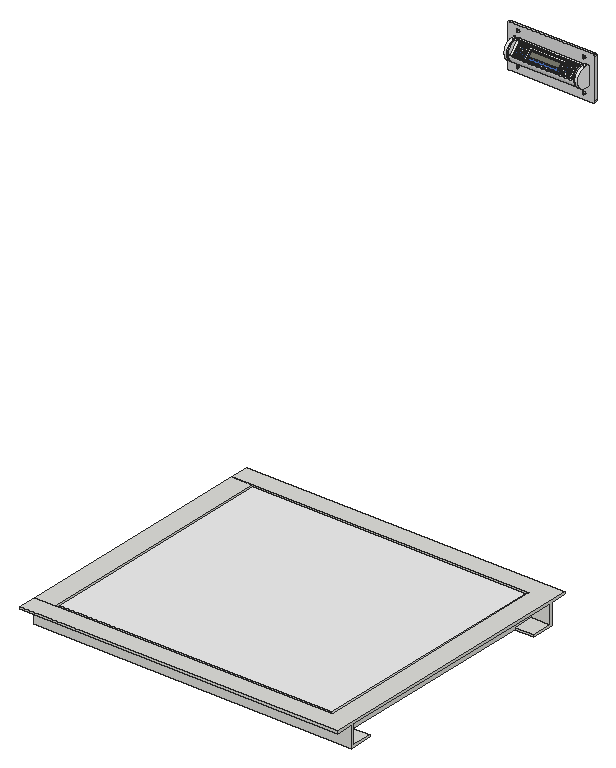
Revit family "Scale-SR_Scales-SR463iR", category Specialty Equipment, Revit 2020
Family settings
  Round Connector Dimension = Use Diameter
  Part Type = Normal
  OmniClass Number = 23.40.70.11.14.11
  OmniClass Title = Medical Equipment
  Work Plane-Based = No
  Always vertical = Yes
  Cut with Voids When Loaded = No
  Shared = No
  Room Calculation Point = No
Parameters (values of type "SR463iR")
  Wall Plate Center Elevation = 53"
  URL = "http://www.srinstruments.com/"
  Show Printer = no
  Show Handrail = no
  Power Supply = "110v AC, 50 - 60 Hz"  # constant formula
  Memory Recall = "Recalls Last Stored Weight"  # constant formula
  Maximum Weight Capacity = "1000 lbs or 454 kg"  # constant formula
  Frame Distance to Wall = 12"  # constant formula
  Product Page URL = "https://srinstruments.com/scales/SR463iR"
  Platform Width = 36"
  Platform Size = "32'' x 36'' (81 cm x 91 cm)"  # constant formula
  Platform Depth = 32"
  Pit Depth = 3"
  Model = "SR463iR"
  Manufacturer Phone Number = "1.800.654.6360"  # constant formula
  Manufacturer Email Contact = "mailto:info-request@srinstruments.com?Subject=Revit Inquiry"
  Manufacturer Address 1 = "600 Young Street"  # constant formula
  Manufacturer Address  2 = "Tonawanda, NY 14150"  # constant formula
  Manufacturer = "SR Scales by SR Instruments, Inc."
  Display Units = "Pounds / Kilograms"  # constant formula
  Display Type = "16-Character Dot-Matrix LCD"  # constant formula
  Display Resolution = "0.1 lb / 0.1 kg"  # constant formula
  Description = "32\" x 36\" In-Floor Platform Scale"
  Default Elevation = 0"
  Creator URL = "http://www.revituspro.com/"
  Created By = "Revitus"  # constant formula
  Copyright Notice = "© SR Instruments, Inc.  All Rights Reserved."  # constant formula
  Control Panel Offset from Center = 12"
  Calibration = "Traceable to NIST Standards"  # constant formula
  BIM Version Available (Earliest) = "2017"  # constant formula
  BIM Version = "v4.1"  # constant formula
  Averaging = "Automatic Digital Filter"  # constant formula
  Auto Zero = "One Button Auto-Tare"  # constant formula
  Auto Power Down = "30 to 300 Seconds"  # constant formula
  Assembly Code = "E1020810"
  Accuracy = "0.1% +/- 1 Digit of Displayed Resolution"  # constant formula
Types (5): name | Show Printer | Show Handrail | Model | Description
  (no name) | no | no | "SR463iR" | "32\" x 36\" In-Floor Platform Scale"
  SR463iR-P | yes | no | "SR463iR-P" | "32\" x 36\" In-Floor Platform Scale with Printer"
  SR463iR-H | no | yes | "SR463iR-H" | "32\" x 36\" In-Floor Platform Scale with Handrail"
  SR463iR-PH | yes | yes | "SR463iR-PH" | "32\" x 36\" In-Floor Platform Scale with Printer and Handrail"
  SR463iR | no | no | "SR463iR" | "32\" x 36\" In-Floor Platform Scale"
Reference planes (in)
  plane 1 "Face of Wall": y = 0
  plane 2: z = 0
  plane 3 "Center (Left/Right)": x = 0
  plane 4 "Platform - Left": x = -18
  plane 5 "Platform - Right": x = 18
  plane 6 "Platform - Front": y = -44
  plane 7 "Platform - Back": y = -12
  plane 8 "Top": z = 33.625
  plane 9 "Left": x = -21
  plane 10 "Right": x = 21
  plane 11 "Frame - Front": y = -46.75
  plane 12 "Frame - Bottom": z = -2.75
  plane 13 "Platform - Top": z = 0.25
  plane 14 "Frame Front Rail - Back": y = -41.5
  plane 15: y = -44.25
  plane 16: z = -2.5
  plane 17: y = -44.5
  plane 18: y = -9.25
  plane 19: y = -14.5
  plane 20: y = -11.75
  plane 21: y = -11.5
  plane 22 "Platform - Bottom": z = -0.75
  plane 23: x = -18.5
  plane 24: x = -18.25
  plane 25: x = -15.5
  plane 26: x = 18.5
  plane 27: x = 18.25
  plane 28: x = 15.5
  plane 29 "Handrail - Left": x = -16.125
  plane 30 "Handrail - Right": x = 16.125
  plane 31 "Handrail Centerline (Front/Back)": y = -13.25
  plane 32: x = 12
  plane 33: x = -14.625
  plane 34: x = -17.625
  plane 35: x = 14.625
  plane 36: x = 17.625
  plane 37 "Handrail Floor Plate - Top": z = 0.5
  plane 38: y = -12.125
  plane 39: y = -14.375
Forms (in)
  Extrusion 1, solid, material "SR Scales - Platform", detail levels medium+fine
    sketch origin (0, 0, 0) x (1, 0, 0) y (0, 0, 1)
      loop
        line (-18, 0.25) -> (-18, -0.75) -> (18, -0.75) -> (18, 0.25) -> (-18, 0.25)
    from 12 to 44
  Extrusion 2, solid, material "SR Scales - Frame", detail levels medium+fine
    sketch origin (0, 0, 0) x (1, 0, 0) y (0, 0, 1)
      loop
        line (-21, 0.25) -> (-21, 0) -> (-18.5, 0) -> (-18.5, -2.75) -> (-15.5, -2.75) -> (-15.5, -2.5) -> (-18.25, -2.5) -> (-18.25, 0.25) -> (-21, 0.25)
    from 11.75 to 44.25
  Extrusion 3, solid, material "SR Scales - Frame", detail levels medium+fine
    sketch origin (0, 0, 0) x (0, 1, 0) y (0, 0, 1)
      loop
        line (-46.75, 0) -> (-44.5, 0) -> (-44.5, -2.75) -> (-41.5, -2.75) -> (-41.5, -2.5) -> (-44.25, -2.5) -> (-44.25, 0.25) -> (-46.75, 0.25) -> (-46.75, 0)
    from -21 to 21
  Extrusion 4, solid, material "SR Scales - Frame", detail levels medium+fine
    sketch origin (0, -44, 0) x (0, -1, 0) y (0, 0, -1)
      loop
        line (-34.75, 0) -> (-34.75, -0.25) -> (-32.25, -0.25) -> (-32.25, 2.5) -> (-29.5, 2.5) -> (-29.5, 2.75) -> (-32.5, 2.75) -> (-32.5, 0) -> (-34.75, 0)
    from -21 to 21
  Extrusion 5, solid, material "SR Scales - Frame", detail levels medium+fine
    sketch origin (0, 0, 0) x (-1, 0, 0) y (0, 0, -1)
      loop
        line (-21, -0.25) -> (-18.25, -0.25) -> (-18.25, 2.5) -> (-15.5, 2.5) -> (-15.5, 2.75) -> (-18.5, 2.75) -> (-18.5, 0) -> (-21, 0) -> (-21, -0.25)
    from 11.75 to 44.25
  Sweep 6, solid, material "SR Scales - Handrail", visible <- "Show Handrail"
    path origin (0, -13.25, 0) x (-1, 0, 0) y (0, 0, 1)
      loop
        line (-16.125, 0.25) -> (-16.125, 27.625)
        arc (-16.125, 27.625) -> (-14.36764, 31.86764) -> (-10.125, 33.625) r 6
        line (-10.125, 33.625) -> (10.125, 33.625)
        arc (10.125, 33.625) -> (14.36764, 31.86764) -> (16.125, 27.625) r 6
        line (16.125, 27.625) -> (16.125, 0.25)
    profile origin (-16.125, -13.25, 13.9375) x (0, 1, 0) y (-1, 0, 0)
      loop
        circle (0, 0) r 0.625
  Extrusion 7, solid, material "SR Scales - Handrail", visible <- "Show Handrail", detail levels medium+fine
    sketch origin (0, 0, 0) x (1, 0, 0) y (0, 1, 0)
      loop
        line (-17.625, -12.125) -> (-17.625, -14.375) -> (-14.625, -14.375) -> (-14.625, -12.125) -> (-17.625, -12.125)
      loop
        line (14.625, -12.125) -> (14.625, -14.375) -> (17.625, -14.375) -> (17.625, -12.125) -> (14.625, -12.125)
    from 0.25 to 0.5
  Extrusion 8, solid, material "SR Scales - Platform", detail levels coarse
    sketch origin (0, 0, 0) x (1, 0, 0) y (0, 1, 0)
      loop
        line (-21, -9.25) -> (-21, -46.75) -> (21, -46.75) -> (21, -9.25) -> (-21, -9.25)
    from -2.75 to 0.25
Cuts and joins
  joined: Extrusion 3, Extrusion 4, Extrusion 5
Lines and regions (in)
  model lines, style "Scale - Platform", detail levels coarse
    curve 1: line (-18, -12, 0.25) -> (-18, -44, 0.25)
    curve 2: line (-18, -12, 0.25) -> (18, -12, 0.25)
    curve 3: line (-18, -44, 0.25) -> (18, -44, 0.25)
    curve 4: line (18, -12, 0.25) -> (18, -44, 0.25)
Dimensions and locks (in)
  equal spacing: plane 4 "Platform - Left", plane 3 "Center (Left/Right)", plane 5 "Platform - Right"
  "Platform Width": plane 4 "Platform - Left" to plane 5 "Platform - Right"
  "Platform Depth": plane 6 "Platform - Front" to plane 7 "Platform - Back"
  plane 8 "Top" to plane 13 "Platform - Top" = 33 3/8"
  plane 25 to plane 4 "Platform - Left" to plane 24 to plane 9 "Left" = 2 1/2" locked, 1/4" locked, 2 3/4" locked
  plane 11 "Frame - Front" to plane 15 to plane 6 "Platform - Front" to plane 14 "Frame Front Rail - Back" = 2 1/2" locked, 1/4" locked, 2 1/2" locked
  locked: plane 13 "Platform - Top" to plane 2 at 0.25
  "Pit Depth": plane 13 "Platform - Top" to plane 12 "Frame - Bottom"
  locked: plane 16 to plane 12 "Frame - Bottom" at 0.25
  locked: plane 17 to plane 15 at 0.25
  plane 18 to plane 20 to plane 7 "Platform - Back" to plane 19 = 2 1/2" locked, 1/4" locked, 2 1/2" locked
  locked: plane 21 to plane 20 at 0.25
  locked: plane 13 "Platform - Top" to plane 22 "Platform - Bottom" at 1
  locked: plane 24 to plane 23 at 0.25
  plane 28 to plane 5 "Platform - Right" to plane 27 to plane 10 "Right" = 2 1/2" locked, 1/4" locked, 2 3/4" locked
  locked: plane 27 to plane 26 at 0.25
  locked: plane 29 "Handrail - Left" to plane 4 "Platform - Left" at 1.875
  locked: plane 30 "Handrail - Right" to plane 5 "Platform - Right" at 1.875
  locked: plane 7 "Platform - Back" to plane 31 "Handrail Centerline (Front/Back)" at 1.25
  "Frame Distance to Wall": plane 7 "Platform - Back" to plane 1 "Face of Wall"
  "Control Panel Offset from Center": plane 32 to plane 3 "Center (Left/Right)"
  plane 34 to plane 29 "Handrail - Left" to plane 33 = 1 1/2" locked, 1 1/2" locked
  plane 36 to plane 30 "Handrail - Right" to plane 35 = 1 1/2" locked, 1 1/2" locked
  locked: plane 37 "Handrail Floor Plate - Top" to plane 13 "Platform - Top" at 0.25
  plane 38 to plane 31 "Handrail Centerline (Front/Back)" to plane 39 = 1 1/8" locked, 1 1/8" locked
  radius of Sweep 6 sketch curve = 6"  (x2)
  aligned and locked: level to plane 2
  aligned and locked: Extrusion 1 to plane 6 "Platform - Front"
  aligned and locked: plane 7 "Platform - Back" to Extrusion 1
  aligned and locked: Extrusion 3 to plane 10 "Right"
  aligned and locked: Extrusion 3 to plane 9 "Left"
  aligned and locked: Extrusion 3 sketch curve to plane 11 "Frame - Front"
  aligned and locked: Extrusion 3 sketch curve to plane 13 "Platform - Top"
  aligned and locked: Extrusion 3 sketch curve to level
  aligned and locked: Extrusion 3 sketch curve to plane 17
  aligned and locked: Extrusion 3 sketch curve to plane 15
  aligned and locked: Extrusion 3 sketch curve to plane 16
  aligned and locked: Extrusion 3 sketch curve to plane 12 "Frame - Bottom"
  aligned and locked: Extrusion 3 sketch curve to plane 14 "Frame Front Rail - Back"
  aligned and locked: plane 18 to Extrusion 4 sketch curve
  aligned and locked: plane 21 to Extrusion 4 sketch curve
  aligned and locked: plane 20 to Extrusion 4 sketch curve
  aligned and locked: plane 19 to Extrusion 4 sketch curve
  aligned and locked: Extrusion 1 to plane 22 "Platform - Bottom"
  aligned and locked: plane 13 "Platform - Top" to Extrusion 1
  aligned and locked: Extrusion 1 sketch curve to plane 4 "Platform - Left"
  aligned and locked: plane 5 "Platform - Right" to Extrusion 1 sketch curve
  aligned and locked: Extrusion 4 to plane 9 "Left"
  aligned and locked: Extrusion 4 to plane 10 "Right"
  aligned and locked: Extrusion 2 sketch curve to plane 9 "Left"
  aligned and locked: Extrusion 2 sketch curve to plane 13 "Platform - Top"
  aligned and locked: Extrusion 2 sketch curve to level
  aligned and locked: Extrusion 2 sketch curve to plane 16
  aligned and locked: Extrusion 2 sketch curve to plane 12 "Frame - Bottom"
  aligned and locked: Extrusion 2 sketch curve to plane 24
  aligned and locked: Extrusion 2 sketch curve to plane 23
  aligned and locked: Extrusion 2 sketch curve to plane 25
  aligned and locked: plane 15 to Extrusion 2
  aligned and locked: plane 20 to Extrusion 2
  aligned and locked: plane 27 to Extrusion 5 sketch curve
  aligned and locked: plane 26 to Extrusion 5 sketch curve
  aligned and locked: plane 28 to Extrusion 5 sketch curve
  aligned and locked: plane 20 to Extrusion 5
  aligned and locked: plane 15 to Extrusion 5
  aligned and locked: plane 10 "Right" to Extrusion 5 sketch curve
  aligned and locked: plane 13 "Platform - Top" to Extrusion 5 sketch curve
  aligned and locked: level to Extrusion 5 sketch curve
  aligned and locked: plane 12 "Frame - Bottom" to Extrusion 5 sketch curve
  aligned and locked: plane 16 to Extrusion 5 sketch curve
  aligned and locked: plane 32 to nested 1
  aligned and locked: plane 1 "Face of Wall" to nested 1
  aligned and locked: plane 29 "Handrail - Left" to Sweep 6 sketch curve
  aligned and locked: plane 8 "Top" to Sweep 6 sketch curve
  aligned and locked: Sweep 6 sketch curve to plane 30 "Handrail - Right"
  aligned and locked: plane 13 "Platform - Top" to Sweep 6 sketch curve  (x2)
  aligned and locked: Extrusion 7 to plane 13 "Platform - Top"
  aligned and locked: plane 37 "Handrail Floor Plate - Top" to Extrusion 7
  aligned and locked: Extrusion 7 sketch curve to plane 38  (x2)
  aligned and locked: plane 34 to Extrusion 7 sketch curve
  aligned and locked: Extrusion 7 sketch curve to plane 33
  aligned and locked: plane 39 to Extrusion 7 sketch curve  (x2)
  aligned and locked: plane 35 to Extrusion 7 sketch curve
  aligned and locked: Extrusion 7 sketch curve to plane 36
  aligned and locked: Extrusion 8 sketch curve to plane 9 "Left"
  aligned and locked: plane 18 to Extrusion 8 sketch curve
  aligned and locked: plane 10 "Right" to Extrusion 8 sketch curve
  aligned and locked: Extrusion 8 sketch curve to plane 11 "Frame - Front"
  aligned and locked: Extrusion 8 to plane 12 "Frame - Bottom"
  aligned and locked: plane 13 "Platform - Top" to Extrusion 8
  aligned and locked: curve 1 to plane 4 "Platform - Left"
  aligned and locked: curve 2 to plane 7 "Platform - Back"
  aligned and locked: curve 3 to plane 6 "Platform - Front"
  aligned and locked: plane 5 "Platform - Right" to curve 4
Automatic sketch dimensions
  Extrusion 1 sketch curve to plane 22 "Platform - Bottom" = 0"
  Extrusion 1 sketch curve to plane 13 "Platform - Top" = 0"
  Extrusion 4 sketch curve to plane 12 "Frame - Bottom" = 0"
  Extrusion 4 sketch curve to plane 16 = 0"
  Extrusion 4 sketch curve to level = 0"
  Extrusion 4 sketch curve to plane 13 "Platform - Top" = 0"
  Sweep 6 sketch curve to plane 31 "Handrail Centerline (Front/Back)" = 0"
  Sweep 6 sketch curve to profile plane = 0"
  radius of Sweep 6 sketch curve = 5/8"
Nested families (in)
  nested 1: "Display-Wall_Panel-SR463iR" at (12, 0, 53), built-in parameter 1001364 <- "Wall Plate Center Elevation", type "Display-Wall_Panel-SR463iR"
Definition of nested family "Display-Wall_Panel-SR463iR"
  Parameters (values of type "Display-Wall_Panel-SR463iR")
    Show Printer = no
    No Printer = not(Show Printer)  # yes
    Manufacturer Phone Number = ""
    Manufacturer Email Contact = ""
    Manufacturer Address 1 = ""
    Manufacturer Address  2 = ""
    Default Elevation = 0"
    Creator URL = ""
    Created By = ""
    Copyright Notice = ""
    BIM Version Available (Earliest) = ""
    BIM Version = ""
  Reference planes (in)
    plane 1 "Center (Front/Back)": y = 0
    plane 2: z = 0
    plane 3 "Center (Left/Right)": x = 0
    plane 4: y = -0.25
  Forms (in)
    Extrusion 1, solid, visible <- "Show Printer", detail levels fine
      sketch origin (-31.99871, 3, -32.9043) x (1, 0, 0) y (0, 0, 1)
        loop
          arc (30.12371, 29.9093) -> (30.16178, 29.81737) -> (30.25371, 29.7793) r 0.13
          line (30.25371, 29.7793) -> (33.74371, 29.7793)
          arc (33.74371, 29.7793) -> (33.83563, 29.81737) -> (33.87371, 29.9093) r 0.13
          line (33.87371, 29.9093) -> (33.87371, 34.1493)
          arc (33.87371, 34.1493) -> (33.83563, 34.24122) -> (33.74371, 34.2793) r 0.13
          line (33.74371, 34.2793) -> (30.25371, 34.2793)
          arc (30.25371, 34.2793) -> (30.16178, 34.24122) -> (30.12371, 34.1493) r 0.13
          line (30.12371, 34.1493) -> (30.12371, 29.9093)
        loop
          line (30.56171, 30.0293) -> (33.43571, 30.0293)
          arc (33.43571, 30.0293) -> (33.48025, 30.04775) -> (33.49871, 30.0923) r 0.063
          line (33.49871, 30.0923) -> (33.49871, 32.5913)
          arc (33.49871, 32.5913) -> (33.48025, 32.63584) -> (33.43571, 32.6543) r 0.063
          line (33.43571, 32.6543) -> (33.24871, 32.6543)
          arc (33.24871, 32.6543) -> (33.21209, 32.74268) -> (33.12371, 32.7793) r 0.125
          line (33.12371, 32.7793) -> (30.87371, 32.7793)
          arc (30.87371, 32.7793) -> (30.78532, 32.74268) -> (30.74871, 32.6543) r 0.125
          line (30.74871, 32.6543) -> (30.56171, 32.6543)
          arc (30.56171, 32.6543) -> (30.51716, 32.63584) -> (30.49871, 32.5913) r 0.063
          line (30.49871, 32.5913) -> (30.49871, 30.0923)
          arc (30.49871, 30.0923) -> (30.51716, 30.04775) -> (30.56171, 30.0293) r 0.063
        loop
          line (33.40521, 32.7793) -> (33.59221, 32.7793) -> (33.59221, 33.4693) -> (33.40521, 33.4693) -> (33.40521, 32.7793)
      from 3.25 to 3.375
    Extrusion 2, solid, visible <- "Show Printer", detail levels medium+fine
      sketch origin (0, 3, -32.9043) x (0, 0, -1) y (0, -1, 0)
        loop
          line (-32.3293, 3.375) -> (-32.6043, 3.375) -> (-32.6043, 3.25) -> (-30.0793, 3.25) -> (-30.0793, 3.33642)
          arc (-30.0793, 3.33642) -> (-30.08872, 3.36956) -> (-30.11416, 3.39279) r 0.063
          arc (-30.11416, 3.39279) -> (-30.99803, 3.62272) -> (-31.8993, 3.475) r 2.20628
          arc (-31.8993, 3.475) -> (-32.11073, 3.40966) -> (-32.3293, 3.375) r 1.55486
      from -1.45 to 1.45
    Extrusion 3, void
      sketch origin (-31.99871, 3, -32.9043) x (1, 0, 0) y (0, 0, 1)
        loop
          line (33.24871, 32.6043) -> (30.74871, 32.6043)
          arc (30.74871, 32.6043) -> (30.78532, 32.51591) -> (30.87371, 32.4793) r 0.125
          line (30.87371, 32.4793) -> (33.12371, 32.4793)
          arc (33.12371, 32.4793) -> (33.21209, 32.51591) -> (33.24871, 32.6043) r 0.125
      from 3.25 to 3.375
    Extrusion 4, solid, visible <- "Show Printer", detail levels coarse+medium
      sketch origin (-31.99871, 3, -32.9043) x (1, 0, 0) y (0, 0, 1)
        loop
          line (30.24871, 29.7793) -> (33.74871, 29.7793)
          arc (33.74871, 29.7793) -> (33.83709, 29.81591) -> (33.87371, 29.9043) r 0.125
          line (33.87371, 29.9043) -> (33.87371, 34.1543)
          arc (33.87371, 34.1543) -> (33.83709, 34.24268) -> (33.74871, 34.2793) r 0.125
          line (33.74871, 34.2793) -> (30.24871, 34.2793)
          arc (30.24871, 34.2793) -> (30.16032, 34.24268) -> (30.12371, 34.1543) r 0.125
          line (30.12371, 34.1543) -> (30.12371, 29.9043)
          arc (30.12371, 29.9043) -> (30.16032, 29.81591) -> (30.24871, 29.7793) r 0.125
      from 3.25 to 3.375
    Extrusion 5, solid, visible <- "Show Printer"
      sketch origin (0, 0, -53) x (1, 0, 0) y (0, 0, 1)
        loop
          line (-5.75, 58.5) -> (-5.75, 49.125)
          arc (-5.75, 49.125) -> (-5.67678, 48.94822) -> (-5.5, 48.875) r 0.25
          line (-5.5, 48.875) -> (5.5, 48.875)
          arc (5.5, 48.875) -> (5.67678, 48.94822) -> (5.75, 49.125) r 0.25
          line (5.75, 49.125) -> (5.75, 58.5)
          arc (5.75, 58.5) -> (5.67678, 58.67678) -> (5.5, 58.75) r 0.25
          line (5.5, 58.75) -> (-5.5, 58.75)
          arc (-5.5, 58.75) -> (-5.67678, 58.67678) -> (-5.75, 58.5) r 0.25
        loop
          circle (-4.375, 49.625) r 0.25
        loop
          circle (4.375, 49.625) r 0.25
        loop
          circle (-4.375, 58) r 0.25
        loop
          circle (4.375, 58) r 0.25
      from 0 to 0.25
    Extrusion 6, solid
      sketch origin (0, 0, -52.8012) x (0, 1, 0) y (0, 0, 1)
        loop
          arc (-0.75, 57.0512) -> (-2, 55.8012) -> (-0.75, 54.5512) r 1.25
          line (-0.75, 54.5512) -> (-0.375, 54.5512)
          arc (-0.375, 54.5512) -> (-0.28661, 54.58781) -> (-0.25, 54.6762) r 0.125
          line (-0.25, 54.6762) -> (-0.25, 56.9262)
          arc (-0.25, 56.9262) -> (-0.28661, 57.01459) -> (-0.375, 57.0512) r 0.125
          line (-0.375, 57.0512) -> (-0.75, 57.0512)
      from -4.25 to 4.375
    Extrusion 7, void
      sketch origin (0, 0, -56.3012) x (0, 1, 0) y (0, 0, 1)
        loop
          line (-1.86474, 59.1797) -> (-0.6273, 60.41714) -> (-0.71569, 60.50552) -> (-0.68832, 60.53289)
          arc (-0.68832, 60.53289) -> (-0.66804, 60.54644) -> (-0.64413, 60.5512) r 0.0625
          line (-0.64413, 60.5512) -> (-0.5, 60.5512) -> (-0.5, 60.8012) -> (-0.75, 60.8012)
          arc (-0.75, 60.8012) -> (-1.88001, 60.28764) -> (-2.23626, 59.09862) r 1.5
          line (-2.23626, 59.09862) -> (-1.98348, 59.09862)
          arc (-1.98348, 59.09862) -> (-1.99211, 59.16094) -> (-1.99759, 59.22362) r 1.25
          line (-1.99759, 59.22362) -> (-1.95312, 59.26809) -> (-1.86474, 59.1797)
      from -4.25 to 4.24871
    Extrusion 8, solid, detail levels medium+fine
      sketch origin (0, 0, -52.8012) x (0, 1, 0) y (0, 0, 1)
        loop
          arc (-0.75, 57.0512) -> (-2, 55.8012) -> (-0.75, 54.5512) r 1.25
          line (-0.75, 54.5512) -> (-0.375, 54.5512)
          arc (-0.375, 54.5512) -> (-0.28661, 54.58781) -> (-0.25, 54.6762) r 0.125
          line (-0.25, 54.6762) -> (-0.25, 56.9262)
          arc (-0.25, 56.9262) -> (-0.28661, 57.01459) -> (-0.375, 57.0512) r 0.125
          line (-0.375, 57.0512) -> (-0.75, 57.0512)
      from -4.875 to -4.5
    Extrusion 9, solid
      sketch origin (0.5, 0, -52.8012) x (0, 1, 0) y (0, 0, 1)
        loop
          arc (-0.75, 57.0512) -> (-2, 55.8012) -> (-0.75, 54.5512) r 1.25
          line (-0.75, 54.5512) -> (-0.375, 54.5512)
          arc (-0.375, 54.5512) -> (-0.28661, 54.58781) -> (-0.25, 54.6762) r 0.125
          line (-0.25, 54.6762) -> (-0.25, 56.9262)
          arc (-0.25, 56.9262) -> (-0.28661, 57.01459) -> (-0.375, 57.0512) r 0.125
          line (-0.375, 57.0512) -> (-0.75, 57.0512)
      from -4.875 to -4.75
    Extrusion 10, solid, detail levels medium+fine
      sketch origin (0, 0, -52.8012) x (0, 1, 0) y (0, 0, -1)
        loop
          line (-0.75, -57.0512) -> (-0.375, -57.0512)
          arc (-0.375, -57.0512) -> (-0.28661, -57.01459) -> (-0.25, -56.9262) r 0.125
          line (-0.25, -56.9262) -> (-0.25, -54.6762)
          arc (-0.25, -54.6762) -> (-0.28661, -54.58781) -> (-0.375, -54.5512) r 0.125
          line (-0.375, -54.5512) -> (-0.75, -54.5512)
          arc (-0.75, -54.5512) -> (-2, -55.8012) -> (-0.75, -57.0512) r 1.25
      from -4.875 to -4.5
    Extrusion 11, solid
      sketch origin (-0.5, 0, -52.8012) x (0, 1, 0) y (0, 0, -1)
        loop
          line (-0.75, -57.0512) -> (-0.375, -57.0512)
          arc (-0.375, -57.0512) -> (-0.28661, -57.01459) -> (-0.25, -56.9262) r 0.125
          line (-0.25, -56.9262) -> (-0.25, -54.6762)
          arc (-0.25, -54.6762) -> (-0.28661, -54.58781) -> (-0.375, -54.5512) r 0.125
          line (-0.375, -54.5512) -> (-0.75, -54.5512)
          arc (-0.75, -54.5512) -> (-2, -55.8012) -> (-0.75, -57.0512) r 1.25
      from -4.875 to -4.75
    Extrusion 12, solid, visible <- "Show Printer", detail levels fine
      sketch origin (0, 0, -51.625) x (0, 1, 0) y (0, 0, 1)
        loop
          line (-0.25, 51.53125) -> (-0.25, 52.17166) -> (-0.34058, 52.17166)
          arc (-0.34058, 52.17166) -> (-0.37145, 52.1635) -> (-0.39427, 52.14116) r 0.0625
          arc (-0.39427, 52.14116) -> (-0.47618, 51.93492) -> (-0.48926, 51.71338) r 0.69841
          arc (-0.48926, 51.71338) -> (-0.45912, 51.61847) -> (-0.39334, 51.54371) r 0.2423
          arc (-0.39334, 51.54371) -> (-0.37563, 51.53445) -> (-0.3559, 51.53125) r 0.0625
          line (-0.3559, 51.53125) -> (-0.25, 51.53125)
      from 1.4375 to 1.5625
    Extrusion 13, solid, visible <- "Show Printer", detail levels fine
      sketch origin (0, 0, 0) x (1, 0, 0) y (0, 0, 1)
        loop
          circle (-4.375, 5) r 0.1875
        loop
          circle (4.375, 5) r 0.1875
        loop
          circle (-4.375, -3.375) r 0.1875
        loop
          circle (4.375, -3.375) r 0.1875
      from 0 to 0.1875
    Extrusion 14, solid, detail levels medium+fine
      sketch origin (9.65958, -0.24913, 4.49411) x (-1, 0, 0) y (0, -0.707107, -0.707107)
        loop
          line (13.90958, 0.65981) -> (13.90958, 2.15981)
          arc (13.90958, 2.15981) -> (13.87296, 2.2482) -> (13.78458, 2.28481) r 0.125
          line (13.78458, 2.28481) -> (5.53458, 2.28481)
          arc (5.53458, 2.28481) -> (5.44619, 2.2482) -> (5.40958, 2.15981) r 0.125
          line (5.40958, 2.15981) -> (5.40958, 0.65981)
          arc (5.40958, 0.65981) -> (5.44619, 0.57142) -> (5.53458, 0.53481) r 0.125
          line (5.53458, 0.53481) -> (13.78458, 0.53481)
          arc (13.78458, 0.53481) -> (13.87296, 0.57142) -> (13.90958, 0.65981) r 0.125
        loop
          line (13.53458, 0.72231) -> (13.53458, 2.09731)
          arc (13.53458, 2.09731) -> (13.51627, 2.14151) -> (13.47208, 2.15981) r 0.0625
          line (13.47208, 2.15981) -> (5.84837, 2.15981)
          arc (5.84837, 2.15981) -> (5.80418, 2.14151) -> (5.78587, 2.09731) r 0.0625
          line (5.78587, 2.09731) -> (5.78587, 0.72231)
          arc (5.78587, 0.72231) -> (5.80418, 0.67812) -> (5.84837, 0.65981) r 0.0625
          line (5.84837, 0.65981) -> (13.47208, 0.65981)
          arc (13.47208, 0.65981) -> (13.51627, 0.67812) -> (13.53458, 0.72231) r 0.0625
      from 0 to 0.125
    Extrusion 15, solid, detail levels medium+fine
      sketch origin (8.28587, -6.87826, -2.13502) x (-1, 0, 0) y (0, -0.707107, -0.707107)
        loop
          line (6.28587, -7.59019) -> (6.28587, -8.34019) -> (10.28587, -8.34019) -> (10.28587, -7.59019) -> (6.28587, -7.59019)
      from 0 to 0.125
    Extrusion 16, solid, detail levels medium+fine
      sketch origin (8.28587, -4.72754, 0.0157) x (-1, 0, 0) y (0, -0.707107, -0.707107)
        loop
          arc (6.28587, -4.29861) -> (6.19748, -4.33522) -> (6.16087, -4.42361) r 0.125
          line (6.16087, -4.42361) -> (6.16087, -5.29861)
          arc (6.16087, -5.29861) -> (6.19748, -5.387) -> (6.28587, -5.42361) r 0.125
          line (6.28587, -5.42361) -> (10.28587, -5.42361)
          arc (10.28587, -5.42361) -> (10.37426, -5.387) -> (10.41087, -5.29861) r 0.125
          line (10.41087, -5.29861) -> (10.41087, -4.42361)
          arc (10.41087, -4.42361) -> (10.37426, -4.33522) -> (10.28587, -4.29861) r 0.125
          line (10.28587, -4.29861) -> (6.28587, -4.29861)
        loop
          line (6.28587, -4.54861) -> (6.28587, -5.29861) -> (10.28587, -5.29861) -> (10.28587, -4.54861) -> (6.28587, -4.54861)
        loop
          arc (4.75462, -4.36111) -> (4.68833, -4.38857) -> (4.66087, -4.45486) r 0.09375
          line (4.66087, -4.45486) -> (4.66087, -4.76736)
          arc (4.66087, -4.76736) -> (4.68833, -4.83365) -> (4.75462, -4.86111) r 0.09375
          line (4.75462, -4.86111) -> (5.06712, -4.86111)
          arc (5.06712, -4.86111) -> (5.13341, -4.83365) -> (5.16087, -4.76736) r 0.09375
          line (5.16087, -4.76736) -> (5.16087, -4.45486)
          arc (5.16087, -4.45486) -> (5.13341, -4.38857) -> (5.06712, -4.36111) r 0.09375
          line (5.06712, -4.36111) -> (4.75462, -4.36111)
        loop
          line (5.06712, -4.42361) -> (4.75462, -4.42361)
          arc (4.75462, -4.42361) -> (4.73252, -4.43276) -> (4.72337, -4.45486) r 0.03125
          line (4.72337, -4.45486) -> (4.72337, -4.76736)
          arc (4.72337, -4.76736) -> (4.73252, -4.78946) -> (4.75462, -4.79861) r 0.03125
          line (4.75462, -4.79861) -> (5.06712, -4.79861)
          arc (5.06712, -4.79861) -> (5.08922, -4.78946) -> (5.09837, -4.76736) r 0.03125
          line (5.09837, -4.76736) -> (5.09837, -4.45486)
          arc (5.09837, -4.45486) -> (5.08922, -4.43276) -> (5.06712, -4.42361) r 0.03125
        loop
          arc (5.50462, -4.36111) -> (5.43833, -4.38857) -> (5.41087, -4.45486) r 0.09375
          line (5.41087, -4.45486) -> (5.41087, -4.76736)
          arc (5.41087, -4.76736) -> (5.43833, -4.83365) -> (5.50462, -4.86111) r 0.09375
          line (5.50462, -4.86111) -> (5.81712, -4.86111)
          arc (5.81712, -4.86111) -> (5.88341, -4.83365) -> (5.91087, -4.76736) r 0.09375
          line (5.91087, -4.76736) -> (5.91087, -4.45486)
          arc (5.91087, -4.45486) -> (5.88341, -4.38857) -> (5.81712, -4.36111) r 0.09375
          line (5.81712, -4.36111) -> (5.50462, -4.36111)
        loop
          line (5.81712, -4.42361) -> (5.50462, -4.42361)
          arc (5.50462, -4.42361) -> (5.48252, -4.43276) -> (5.47337, -4.45486) r 0.03125
          line (5.47337, -4.45486) -> (5.47337, -4.76736)
          arc (5.47337, -4.76736) -> (5.48252, -4.78946) -> (5.50462, -4.79861) r 0.03125
          line (5.50462, -4.79861) -> (5.81712, -4.79861)
          arc (5.81712, -4.79861) -> (5.83922, -4.78946) -> (5.84837, -4.76736) r 0.03125
          line (5.84837, -4.76736) -> (5.84837, -4.45486)
          arc (5.84837, -4.45486) -> (5.83922, -4.43276) -> (5.81712, -4.42361) r 0.03125
        loop
          arc (5.50462, -4.98611) -> (5.43833, -5.01357) -> (5.41087, -5.07986) r 0.09375
          line (5.41087, -5.07986) -> (5.41087, -5.39236)
          arc (5.41087, -5.39236) -> (5.43833, -5.45865) -> (5.50462, -5.48611) r 0.09375
          line (5.50462, -5.48611) -> (5.81712, -5.48611)
          arc (5.81712, -5.48611) -> (5.88341, -5.45865) -> (5.91087, -5.39236) r 0.09375
          line (5.91087, -5.39236) -> (5.91087, -5.07986)
          arc (5.91087, -5.07986) -> (5.88341, -5.01357) -> (5.81712, -4.98611) r 0.09375
          line (5.81712, -4.98611) -> (5.50462, -4.98611)
        loop
          line (5.81712, -5.04861) -> (5.50462, -5.04861)
          arc (5.50462, -5.04861) -> (5.48252, -5.05776) -> (5.47337, -5.07986) r 0.03125
          line (5.47337, -5.07986) -> (5.47337, -5.39236)
          arc (5.47337, -5.39236) -> (5.48252, -5.41446) -> (5.50462, -5.42361) r 0.03125
          line (5.50462, -5.42361) -> (5.81712, -5.42361)
          arc (5.81712, -5.42361) -> (5.83922, -5.41446) -> (5.84837, -5.39236) r 0.03125
          line (5.84837, -5.39236) -> (5.84837, -5.07986)
          arc (5.84837, -5.07986) -> (5.83922, -5.05776) -> (5.81712, -5.04861) r 0.03125
        loop
          arc (4.75462, -4.98611) -> (4.68833, -5.01357) -> (4.66087, -5.07986) r 0.09375
          line (4.66087, -5.07986) -> (4.66087, -5.39236)
          arc (4.66087, -5.39236) -> (4.68833, -5.45865) -> (4.75462, -5.48611) r 0.09375
          line (4.75462, -5.48611) -> (5.06712, -5.48611)
          arc (5.06712, -5.48611) -> (5.13341, -5.45865) -> (5.16087, -5.39236) r 0.09375
          line (5.16087, -5.39236) -> (5.16087, -5.07986)
          arc (5.16087, -5.07986) -> (5.13341, -5.01357) -> (5.06712, -4.98611) r 0.09375
          line (5.06712, -4.98611) -> (4.75462, -4.98611)
        loop
          line (5.06712, -5.04861) -> (4.75462, -5.04861)
          arc (4.75462, -5.04861) -> (4.73252, -5.05776) -> (4.72337, -5.07986) r 0.03125
          line (4.72337, -5.07986) -> (4.72337, -5.39236)
          arc (4.72337, -5.39236) -> (4.73252, -5.41446) -> (4.75462, -5.42361) r 0.03125
          line (4.75462, -5.42361) -> (5.06712, -5.42361)
          arc (5.06712, -5.42361) -> (5.08922, -5.41446) -> (5.09837, -5.39236) r 0.03125
          line (5.09837, -5.39236) -> (5.09837, -5.07986)
          arc (5.09837, -5.07986) -> (5.08922, -5.05776) -> (5.06712, -5.04861) r 0.03125
        loop
          line (11.81712, -4.36111) -> (11.50462, -4.36111)
          arc (11.50462, -4.36111) -> (11.43833, -4.38857) -> (11.41087, -4.45486) r 0.09375
          line (11.41087, -4.45486) -> (11.41087, -4.76736)
          arc (11.41087, -4.76736) -> (11.43833, -4.83365) -> (11.50462, -4.86111) r 0.09375
          line (11.50462, -4.86111) -> (11.81712, -4.86111)
          arc (11.81712, -4.86111) -> (11.88341, -4.83365) -> (11.91087, -4.76736) r 0.09375
          line (11.91087, -4.76736) -> (11.91087, -4.45486)
          arc (11.91087, -4.45486) -> (11.88341, -4.38857) -> (11.81712, -4.36111) r 0.09375
        loop
          arc (11.50462, -4.42361) -> (11.48252, -4.43276) -> (11.47337, -4.45486) r 0.03125
          line (11.47337, -4.45486) -> (11.47337, -4.76736)
          arc (11.47337, -4.76736) -> (11.48252, -4.78946) -> (11.50462, -4.79861) r 0.03125
          line (11.50462, -4.79861) -> (11.81712, -4.79861)
          arc (11.81712, -4.79861) -> (11.83922, -4.78946) -> (11.84837, -4.76736) r 0.03125
          line (11.84837, -4.76736) -> (11.84837, -4.45486)
          arc (11.84837, -4.45486) -> (11.83922, -4.43276) -> (11.81712, -4.42361) r 0.03125
          line (11.81712, -4.42361) -> (11.50462, -4.42361)
        loop
          line (11.06712, -4.36111) -> (10.75462, -4.36111)
          arc (10.75462, -4.36111) -> (10.68833, -4.38857) -> (10.66087, -4.45486) r 0.09375
          line (10.66087, -4.45486) -> (10.66087, -4.76736)
          arc (10.66087, -4.76736) -> (10.68833, -4.83365) -> (10.75462, -4.86111) r 0.09375
          line (10.75462, -4.86111) -> (11.06712, -4.86111)
          arc (11.06712, -4.86111) -> (11.13341, -4.83365) -> (11.16087, -4.76736) r 0.09375
          line (11.16087, -4.76736) -> (11.16087, -4.45486)
          arc (11.16087, -4.45486) -> (11.13341, -4.38857) -> (11.06712, -4.36111) r 0.09375
        loop
          arc (10.75462, -4.42361) -> (10.73252, -4.43276) -> (10.72337, -4.45486) r 0.03125
          line (10.72337, -4.45486) -> (10.72337, -4.76736)
          arc (10.72337, -4.76736) -> (10.73252, -4.78946) -> (10.75462, -4.79861) r 0.03125
          line (10.75462, -4.79861) -> (11.06712, -4.79861)
          arc (11.06712, -4.79861) -> (11.08922, -4.78946) -> (11.09837, -4.76736) r 0.03125
          line (11.09837, -4.76736) -> (11.09837, -4.45486)
          arc (11.09837, -4.45486) -> (11.08922, -4.43276) -> (11.06712, -4.42361) r 0.03125
          line (11.06712, -4.42361) -> (10.75462, -4.42361)
        loop
          line (11.06712, -4.98611) -> (10.75462, -4.98611)
          arc (10.75462, -4.98611) -> (10.68833, -5.01357) -> (10.66087, -5.07986) r 0.09375
          line (10.66087, -5.07986) -> (10.66087, -5.39236)
          arc (10.66087, -5.39236) -> (10.68833, -5.45865) -> (10.75462, -5.48611) r 0.09375
          line (10.75462, -5.48611) -> (11.06712, -5.48611)
          arc (11.06712, -5.48611) -> (11.13341, -5.45865) -> (11.16087, -5.39236) r 0.09375
          line (11.16087, -5.39236) -> (11.16087, -5.07986)
          arc (11.16087, -5.07986) -> (11.13341, -5.01357) -> (11.06712, -4.98611) r 0.09375
        loop
          arc (10.75462, -5.04861) -> (10.73252, -5.05776) -> (10.72337, -5.07986) r 0.03125
          line (10.72337, -5.07986) -> (10.72337, -5.39236)
          arc (10.72337, -5.39236) -> (10.73252, -5.41446) -> (10.75462, -5.42361) r 0.03125
          line (10.75462, -5.42361) -> (11.06712, -5.42361)
          arc (11.06712, -5.42361) -> (11.08922, -5.41446) -> (11.09837, -5.39236) r 0.03125
          line (11.09837, -5.39236) -> (11.09837, -5.07986)
          arc (11.09837, -5.07986) -> (11.08922, -5.05776) -> (11.06712, -5.04861) r 0.03125
          line (11.06712, -5.04861) -> (10.75462, -5.04861)
        loop
          line (11.81712, -4.98611) -> (11.50462, -4.98611)
          arc (11.50462, -4.98611) -> (11.43833, -5.01357) -> (11.41087, -5.07986) r 0.09375
          line (11.41087, -5.07986) -> (11.41087, -5.39236)
          arc (11.41087, -5.39236) -> (11.43833, -5.45865) -> (11.50462, -5.48611) r 0.09375
          line (11.50462, -5.48611) -> (11.81712, -5.48611)
          arc (11.81712, -5.48611) -> (11.88341, -5.45865) -> (11.91087, -5.39236) r 0.09375
          line (11.91087, -5.39236) -> (11.91087, -5.07986)
          arc (11.91087, -5.07986) -> (11.88341, -5.01357) -> (11.81712, -4.98611) r 0.09375
        loop
          arc (11.50462, -5.04861) -> (11.48252, -5.05776) -> (11.47337, -5.07986) r 0.03125
          line (11.47337, -5.07986) -> (11.47337, -5.39236)
          arc (11.47337, -5.39236) -> (11.48252, -5.41446) -> (11.50462, -5.42361) r 0.03125
          line (11.50462, -5.42361) -> (11.81712, -5.42361)
          arc (11.81712, -5.42361) -> (11.83922, -5.41446) -> (11.84837, -5.39236) r 0.03125
          line (11.84837, -5.39236) -> (11.84837, -5.07986)
          arc (11.84837, -5.07986) -> (11.83922, -5.05776) -> (11.81712, -5.04861) r 0.03125
          line (11.81712, -5.04861) -> (11.50462, -5.04861)
      from 0 to 0.125
    Extrusion 17, solid, detail levels medium+fine
      sketch origin (8.28587, -4.04983, 0.69341) x (-1, 0, 0) y (0, -0.707107, -0.707107)
        loop
          line (12.16087, -4.65269) -> (12.16087, -3.27769)
          arc (12.16087, -3.27769) -> (12.14256, -3.23349) -> (12.09837, -3.21519) r 0.0625
          line (12.09837, -3.21519) -> (4.47337, -3.21519)
          arc (4.47337, -3.21519) -> (4.42918, -3.23349) -> (4.41087, -3.27769) r 0.0625
          line (4.41087, -3.27769) -> (4.41087, -4.65269)
          arc (4.41087, -4.65269) -> (4.42918, -4.69688) -> (4.47337, -4.71519) r 0.0625
          line (4.47337, -4.71519) -> (12.09837, -4.71519)
          arc (12.09837, -4.71519) -> (12.14256, -4.69688) -> (12.16087, -4.65269) r 0.0625
        loop
          line (10.41087, -4.34019) -> (10.41087, -3.46519)
          arc (10.41087, -3.46519) -> (10.37426, -3.3768) -> (10.28587, -3.34019) r 0.125
          line (10.28587, -3.34019) -> (6.28587, -3.34019)
          arc (6.28587, -3.34019) -> (6.19748, -3.3768) -> (6.16087, -3.46519) r 0.125
          line (6.16087, -3.46519) -> (6.16087, -4.34019)
          arc (6.16087, -4.34019) -> (6.19748, -4.42858) -> (6.28587, -4.46519) r 0.125
          line (6.28587, -4.46519) -> (10.28587, -4.46519)
          arc (10.28587, -4.46519) -> (10.37426, -4.42858) -> (10.41087, -4.34019) r 0.125
        loop
          arc (4.75462, -3.40269) -> (4.68833, -3.43015) -> (4.66087, -3.49644) r 0.09375
          line (4.66087, -3.49644) -> (4.66087, -3.80894)
          arc (4.66087, -3.80894) -> (4.68833, -3.87523) -> (4.75462, -3.90269) r 0.09375
          line (4.75462, -3.90269) -> (5.06712, -3.90269)
          arc (5.06712, -3.90269) -> (5.13341, -3.87523) -> (5.16087, -3.80894) r 0.09375
          line (5.16087, -3.80894) -> (5.16087, -3.49644)
          arc (5.16087, -3.49644) -> (5.13341, -3.43015) -> (5.06712, -3.40269) r 0.09375
          line (5.06712, -3.40269) -> (4.75462, -3.40269)
        loop
          arc (4.75462, -3.46519) -> (4.73252, -3.47434) -> (4.72337, -3.49644) r 0.03125
          line (4.72337, -3.49644) -> (4.72337, -3.80894)
          arc (4.72337, -3.80894) -> (4.73252, -3.83104) -> (4.75462, -3.84019) r 0.03125
          line (4.75462, -3.84019) -> (5.06712, -3.84019)
          arc (5.06712, -3.84019) -> (5.08922, -3.83104) -> (5.09837, -3.80894) r 0.03125
          line (5.09837, -3.80894) -> (5.09837, -3.49644)
          arc (5.09837, -3.49644) -> (5.08922, -3.47434) -> (5.06712, -3.46519) r 0.03125
          line (5.06712, -3.46519) -> (4.75462, -3.46519)
        loop
          arc (5.50462, -3.40269) -> (5.43833, -3.43015) -> (5.41087, -3.49644) r 0.09375
          line (5.41087, -3.49644) -> (5.41087, -3.80894)
          arc (5.41087, -3.80894) -> (5.43833, -3.87523) -> (5.50462, -3.90269) r 0.09375
          line (5.50462, -3.90269) -> (5.81712, -3.90269)
          arc (5.81712, -3.90269) -> (5.88341, -3.87523) -> (5.91087, -3.80894) r 0.09375
          line (5.91087, -3.80894) -> (5.91087, -3.49644)
          arc (5.91087, -3.49644) -> (5.88341, -3.43015) -> (5.81712, -3.40269) r 0.09375
          line (5.81712, -3.40269) -> (5.50462, -3.40269)
        loop
          arc (5.50462, -3.46519) -> (5.48252, -3.47434) -> (5.47337, -3.49644) r 0.03125
          line (5.47337, -3.49644) -> (5.47337, -3.80894)
          arc (5.47337, -3.80894) -> (5.48252, -3.83104) -> (5.50462, -3.84019) r 0.03125
          line (5.50462, -3.84019) -> (5.81712, -3.84019)
          arc (5.81712, -3.84019) -> (5.83922, -3.83104) -> (5.84837, -3.80894) r 0.03125
          line (5.84837, -3.80894) -> (5.84837, -3.49644)
          arc (5.84837, -3.49644) -> (5.83922, -3.47434) -> (5.81712, -3.46519) r 0.03125
          line (5.81712, -3.46519) -> (5.50462, -3.46519)
        loop
          arc (4.75462, -4.02769) -> (4.68833, -4.05515) -> (4.66087, -4.12144) r 0.09375
          line (4.66087, -4.12144) -> (4.66087, -4.43394)
          arc (4.66087, -4.43394) -> (4.68833, -4.50023) -> (4.75462, -4.52769) r 0.09375
          line (4.75462, -4.52769) -> (5.06712, -4.52769)
          arc (5.06712, -4.52769) -> (5.13341, -4.50023) -> (5.16087, -4.43394) r 0.09375
          line (5.16087, -4.43394) -> (5.16087, -4.12144)
          arc (5.16087, -4.12144) -> (5.13341, -4.05515) -> (5.06712, -4.02769) r 0.09375
          line (5.06712, -4.02769) -> (4.75462, -4.02769)
        loop
          arc (4.75462, -4.09019) -> (4.73252, -4.09934) -> (4.72337, -4.12144) r 0.03125
          line (4.72337, -4.12144) -> (4.72337, -4.43394)
          arc (4.72337, -4.43394) -> (4.73252, -4.45604) -> (4.75462, -4.46519) r 0.03125
          line (4.75462, -4.46519) -> (5.06712, -4.46519)
          arc (5.06712, -4.46519) -> (5.08922, -4.45604) -> (5.09837, -4.43394) r 0.03125
          line (5.09837, -4.43394) -> (5.09837, -4.12144)
          arc (5.09837, -4.12144) -> (5.08922, -4.09934) -> (5.06712, -4.09019) r 0.03125
          line (5.06712, -4.09019) -> (4.75462, -4.09019)
        loop
          arc (5.50462, -4.02769) -> (5.43833, -4.05515) -> (5.41087, -4.12144) r 0.09375
          line (5.41087, -4.12144) -> (5.41087, -4.43394)
          arc (5.41087, -4.43394) -> (5.43833, -4.50023) -> (5.50462, -4.52769) r 0.09375
          line (5.50462, -4.52769) -> (5.81712, -4.52769)
          arc (5.81712, -4.52769) -> (5.88341, -4.50023) -> (5.91087, -4.43394) r 0.09375
          line (5.91087, -4.43394) -> (5.91087, -4.12144)
          arc (5.91087, -4.12144) -> (5.88341, -4.05515) -> (5.81712, -4.02769) r 0.09375
          line (5.81712, -4.02769) -> (5.50462, -4.02769)
        loop
          arc (5.50462, -4.09019) -> (5.48252, -4.09934) -> (5.47337, -4.12144) r 0.03125
          line (5.47337, -4.12144) -> (5.47337, -4.43394)
          arc (5.47337, -4.43394) -> (5.48252, -4.45604) -> (5.50462, -4.46519) r 0.03125
          line (5.50462, -4.46519) -> (5.81712, -4.46519)
          arc (5.81712, -4.46519) -> (5.83922, -4.45604) -> (5.84837, -4.43394) r 0.03125
          line (5.84837, -4.43394) -> (5.84837, -4.12144)
          arc (5.84837, -4.12144) -> (5.83922, -4.09934) -> (5.81712, -4.09019) r 0.03125
          line (5.81712, -4.09019) -> (5.50462, -4.09019)
        loop
          line (11.81712, -3.40269) -> (11.50462, -3.40269)
          arc (11.50462, -3.40269) -> (11.43833, -3.43015) -> (11.41087, -3.49644) r 0.09375
          line (11.41087, -3.49644) -> (11.41087, -3.80894)
          arc (11.41087, -3.80894) -> (11.43833, -3.87523) -> (11.50462, -3.90269) r 0.09375
          line (11.50462, -3.90269) -> (11.81712, -3.90269)
          arc (11.81712, -3.90269) -> (11.88341, -3.87523) -> (11.91087, -3.80894) r 0.09375
          line (11.91087, -3.80894) -> (11.91087, -3.49644)
          arc (11.91087, -3.49644) -> (11.88341, -3.43015) -> (11.81712, -3.40269) r 0.09375
        loop
          line (11.81712, -3.46519) -> (11.50462, -3.46519)
          arc (11.50462, -3.46519) -> (11.48252, -3.47434) -> (11.47337, -3.49644) r 0.03125
          line (11.47337, -3.49644) -> (11.47337, -3.80894)
          arc (11.47337, -3.80894) -> (11.48252, -3.83104) -> (11.50462, -3.84019) r 0.03125
          line (11.50462, -3.84019) -> (11.81712, -3.84019)
          arc (11.81712, -3.84019) -> (11.83922, -3.83104) -> (11.84837, -3.80894) r 0.03125
          line (11.84837, -3.80894) -> (11.84837, -3.49644)
          arc (11.84837, -3.49644) -> (11.83922, -3.47434) -> (11.81712, -3.46519) r 0.03125
        loop
          line (11.06712, -3.40269) -> (10.75462, -3.40269)
          arc (10.75462, -3.40269) -> (10.68833, -3.43015) -> (10.66087, -3.49644) r 0.09375
          line (10.66087, -3.49644) -> (10.66087, -3.80894)
          arc (10.66087, -3.80894) -> (10.68833, -3.87523) -> (10.75462, -3.90269) r 0.09375
          line (10.75462, -3.90269) -> (11.06712, -3.90269)
          arc (11.06712, -3.90269) -> (11.13341, -3.87523) -> (11.16087, -3.80894) r 0.09375
          line (11.16087, -3.80894) -> (11.16087, -3.49644)
          arc (11.16087, -3.49644) -> (11.13341, -3.43015) -> (11.06712, -3.40269) r 0.09375
        loop
          line (11.06712, -3.46519) -> (10.75462, -3.46519)
          arc (10.75462, -3.46519) -> (10.73252, -3.47434) -> (10.72337, -3.49644) r 0.03125
          line (10.72337, -3.49644) -> (10.72337, -3.80894)
          arc (10.72337, -3.80894) -> (10.73252, -3.83104) -> (10.75462, -3.84019) r 0.03125
          line (10.75462, -3.84019) -> (11.06712, -3.84019)
          arc (11.06712, -3.84019) -> (11.08922, -3.83104) -> (11.09837, -3.80894) r 0.03125
          line (11.09837, -3.80894) -> (11.09837, -3.49644)
          arc (11.09837, -3.49644) -> (11.08922, -3.47434) -> (11.06712, -3.46519) r 0.03125
        loop
          line (11.81712, -4.02769) -> (11.50462, -4.02769)
          arc (11.50462, -4.02769) -> (11.43833, -4.05515) -> (11.41087, -4.12144) r 0.09375
          line (11.41087, -4.12144) -> (11.41087, -4.43394)
          arc (11.41087, -4.43394) -> (11.43833, -4.50023) -> (11.50462, -4.52769) r 0.09375
          line (11.50462, -4.52769) -> (11.81712, -4.52769)
          arc (11.81712, -4.52769) -> (11.88341, -4.50023) -> (11.91087, -4.43394) r 0.09375
          line (11.91087, -4.43394) -> (11.91087, -4.12144)
          arc (11.91087, -4.12144) -> (11.88341, -4.05515) -> (11.81712, -4.02769) r 0.09375
        loop
          line (11.81712, -4.09019) -> (11.50462, -4.09019)
          arc (11.50462, -4.09019) -> (11.48252, -4.09934) -> (11.47337, -4.12144) r 0.03125
          line (11.47337, -4.12144) -> (11.47337, -4.43394)
          arc (11.47337, -4.43394) -> (11.48252, -4.45604) -> (11.50462, -4.46519) r 0.03125
          line (11.50462, -4.46519) -> (11.81712, -4.46519)
          arc (11.81712, -4.46519) -> (11.83922, -4.45604) -> (11.84837, -4.43394) r 0.03125
          line (11.84837, -4.43394) -> (11.84837, -4.12144)
          arc (11.84837, -4.12144) -> (11.83922, -4.09934) -> (11.81712, -4.09019) r 0.03125
        loop
          line (11.06712, -4.02769) -> (10.75462, -4.02769)
          arc (10.75462, -4.02769) -> (10.68833, -4.05515) -> (10.66087, -4.12144) r 0.09375
          line (10.66087, -4.12144) -> (10.66087, -4.43394)
          arc (10.66087, -4.43394) -> (10.68833, -4.50023) -> (10.75462, -4.52769) r 0.09375
          line (10.75462, -4.52769) -> (11.06712, -4.52769)
          arc (11.06712, -4.52769) -> (11.13341, -4.50023) -> (11.16087, -4.43394) r 0.09375
          line (11.16087, -4.43394) -> (11.16087, -4.12144)
          arc (11.16087, -4.12144) -> (11.13341, -4.05515) -> (11.06712, -4.02769) r 0.09375
        loop
          line (11.06712, -4.09019) -> (10.75462, -4.09019)
          arc (10.75462, -4.09019) -> (10.73252, -4.09934) -> (10.72337, -4.12144) r 0.03125
          line (10.72337, -4.12144) -> (10.72337, -4.43394)
          arc (10.72337, -4.43394) -> (10.73252, -4.45604) -> (10.75462, -4.46519) r 0.03125
          line (10.75462, -4.46519) -> (11.06712, -4.46519)
          arc (11.06712, -4.46519) -> (11.08922, -4.45604) -> (11.09837, -4.43394) r 0.03125
          line (11.09837, -4.43394) -> (11.09837, -4.12144)
          arc (11.09837, -4.12144) -> (11.08922, -4.09934) -> (11.06712, -4.09019) r 0.03125
      from 0 to 0.125
    Extrusion 18, solid, visible <- "No Printer"
      sketch origin (0, 0, -53) x (1, 0, 0) y (0, 0, 1)
        loop
          line (-5.75, 58.5) -> (-5.75, 53.25)
          arc (-5.75, 53.25) -> (-5.67678, 53.07322) -> (-5.5, 53) r 0.25
          line (-5.5, 53) -> (5.5, 53)
          arc (5.5, 53) -> (5.67678, 53.07322) -> (5.75, 53.25) r 0.25
          line (5.75, 53.25) -> (5.75, 58.5)
          arc (5.75, 58.5) -> (5.67678, 58.67678) -> (5.5, 58.75) r 0.25
          line (5.5, 58.75) -> (-5.5, 58.75)
          arc (-5.5, 58.75) -> (-5.67678, 58.67678) -> (-5.75, 58.5) r 0.25
        loop
          circle (-4.375, 53.75) r 0.25
        loop
          circle (4.375, 53.75) r 0.25
        loop
          circle (-4.375, 58) r 0.25
        loop
          circle (4.375, 58) r 0.25
      from 0 to 0.25
    Extrusion 19, solid, visible <- "No Printer", detail levels fine
      sketch origin (0, 0, 0) x (1, 0, 0) y (0, 0, 1)
        loop
          circle (-4.375, 5) r 0.1875
        loop
          circle (4.375, 5) r 0.1875
        loop
          circle (-4.375, 0.75) r 0.1875
        loop
          circle (4.375, 0.75) r 0.1875
      from 0 to 0.1875
  Cuts and joins
    Extrusion 3 cuts Extrusion 2
    Extrusion 3 cuts Extrusion 4
    Extrusion 7 cuts Extrusion 6
    joined: Extrusion 6, Extrusion 9, Extrusion 11
  Dimensions and locks (in)
    locked: plane 4 to plane 1 "Center (Front/Back)" at 0.25
    aligned and locked: plane 2 to level
    aligned and locked: Extrusion 5 to plane 4
